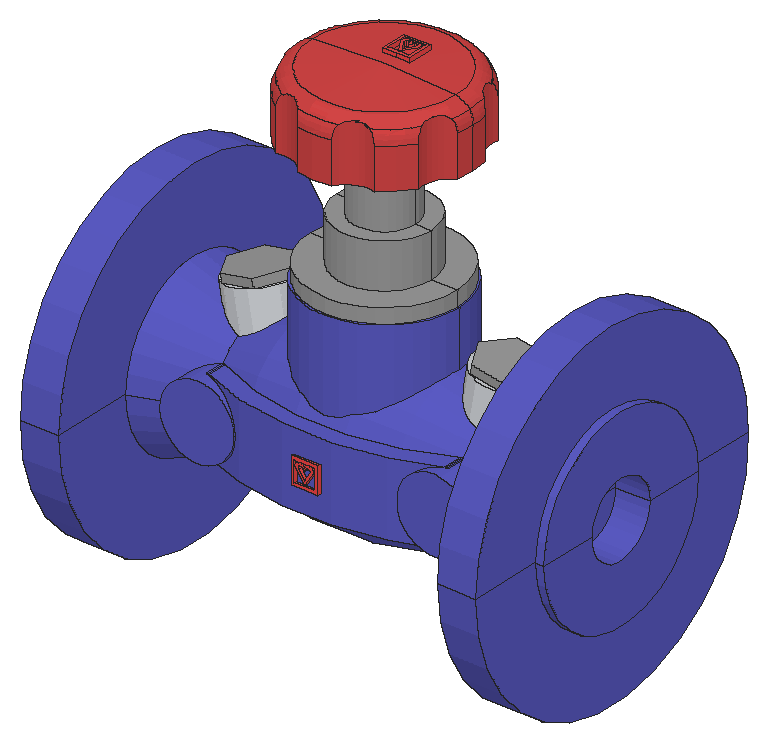
Revit family "Absperrventil 4218 AGF", category Rohrzubehör, Revit 2021
Family settings
  Bemaßung runder Anschluss = Durchmesser verwenden
  Teiletyp = Unterbricht
  Arbeitsebenenbasiert = Nein
  Immer vertikal = Ja
  Beim Laden mit Abzugskörper schneiden = Nein
  Gemeinsam genutzt = Nein
Parameters
  w = 10.00°  # constant formula
  Vorgabe-Ansicht = 0.00 mm
  PN = 16  # constant formula
  Max. Betriebstemperatur bis DN 32 = 130 °C  # constant formula
  Max. Betriebstemperatur ab DN 40 = 110 °C  # constant formula
  Max. Betriebsdruck = 1600000.0 Pa  # constant formula
  m2 [instance] = size_lookup("4218_AGF", "m2", 22.00 mm, Nennweite)  # 11.00 mm
  m1 [instance] = 27.59 mm  # constant formula
  d1 [instance] = size_lookup("4218_AGF", "d1", 25.00 mm, Nennweite)  # 25.00 mm
  Ventiloberteil = "Messing"  # constant formula
  Ventilgehäuse = "Grauguss GJL 250 nach EN 1561"  # constant formula
  URL = "www.herz-armaturen.at"
  Schrauben [instance] = if(Nennweite = 15.00 mm, "4x M12x50", if(Nennweite = 20.00 mm, "4x M12x55", if(Nennweite = 25.00 mm, "4x M12x55", if(Nennweite = 32.00 mm, "4x M16x60", if(Nennweite = 40.00 mm, "4x M16x60", if(Nennweite = 50.00 mm, "4x M16x60", if(Nennweite = 65.00 mm, "4x M16x60", if(Nennweite = 80.00 mm, "8x M16x65", if(Nennweite = 100.00 mm, "8x M16x65", if(Nennweite = 125.00 mm, "8x M16x70", if(Nennweite = 150.00 mm, "8x M20x70", if(Nennweite = 200.00 mm, "12x M20x75", if(Nennweite = 250.00 mm, "12x M24x85", if(Nennweite = 300.00 mm, "12x M24x85", if(Nennweite = 350.00 mm, "16x M24x90", "16x M27x100")))))))))))))))  # "4x M12x55"
  SCRNSEQ = "ARM;ARM_TYP=\"ABSV\";2"
  SCRNCODE = "05;11;2"  # constant formula
  R05 [instance] = size_lookup("4218_AGF", "R05", 45.00 mm, Nennweite)  # 45.00 mm
  R04 [instance] = size_lookup("4218_AGF", "R04", 25.50 mm, Nennweite)  # 25.50 mm
  R03 [instance] = size_lookup("4218_AGF", "R03", 30.00 mm, Nennweite)  # 30.00 mm
  R02 [instance] = size_lookup("4218_AGF", "R02", 21.15 mm, Nennweite)  # 21.15 mm
  R01 [instance] = size_lookup("4218_AGF", "R01", 29.50 mm, Nennweite)  # 29.50 mm
  O-Ringe = "EPDM"  # constant formula
  Nennweite [instance] = 25.00 mm
  Medium = "Heizwasserqualität entsprechend ÖNORM H 5195 bzw. VDI Richtlinie 2035. Ethylen und Propylenglykol\r\nkönnen in einem Verhältnis von 25-50 vol. [%] gemischt werden."
  Lk [instance] = size_lookup("4218_AGF", "Lk", 32.50 mm, Nennweite)  # 32.50 mm
  L05 [instance] = 34.16 mm  # constant formula
  L04 [instance] = size_lookup("4218_AGF", "L04", 40.00 mm, Nennweite)  # 40.00 mm
  L03 [instance] = size_lookup("4218_AGF", "L03", 42.00 mm, Nennweite)  # 42.00 mm
  L02 [instance] = size_lookup("4218_AGF", "L02", 3.00 mm, Nennweite)  # 3.00 mm
  L01 [instance] = size_lookup("4218_AGF", "L01", 13.00 mm, Nennweite)  # 13.00 mm
  L [instance] = size_lookup("4218_AGF", "L", 160.00 mm, Nennweite)  # 160.00 mm
  Hinweise zum Material = "Gemäß Art 33 der REACH-Verordnung (EG Nr. 1907/2006) sind wir verpflichtet, darauf hinzuweisen, dass der\r\nStoff Blei auf der SVHC-Liste geführt wird und dass alle aus Messing bestehenden Bauteile, die in unseren\r\nErzeugnissen verarbeitet sind, mehr als 0,1 % (w/w) Blei (CAS: 7439-92-1 / EINECS: 231-100-4) enthalten. Da Blei\r\nals Legierungsbestandteil fest gebunden ist, sind keine Expositionen zu erwarten und daher sind keine zusätzlichen\r\nAngaben zur sicheren Verwendung notwendig.\r\n\r\nGrundanstrich basierent auf Alkydharze (Kunstharzgrundierung) und enthält blei- und chromatfreie Rost- schutzpigmente. Deckbeschichtung mit Epoxidharz. Lösungsmittelgehalt ist geringer als in der VOCAnlagen-Verordnung 2002 zulässig.\r\nGlanzgrad: matt\r\nSchichtstärke trocken (TSD) : ~ 100 μm"
  Hersteller = "HERZ-Armaturen Ges.m.b.H"  # constant formula
  Dfl [instance] = size_lookup("4218_AGF", "Dfl", 57.50 mm, Nennweite)  # 57.50 mm
  DN80 [instance] = Nennweite = 80.00 mm  # no
  DN65-80 [instance] = or(Nennweite = 65.00 mm, Nennweite = 80.00 mm)  # no
  DN65 [instance] = Nennweite = 65.00 mm  # no
  DN50-80 [instance] = or(Nennweite = 50.00 mm, Nennweite = 65.00 mm, Nennweite = 80.00 mm)  # no
  DN50 [instance] = Nennweite = 50.00 mm  # no
  DN40 [instance] = Nennweite = 40.00 mm  # no
  DN32 [instance] = Nennweite = 32.00 mm  # no
  DN32-40 [instance] = or(Nennweite = 32.00 mm, Nennweite = 40.00 mm)  # no
  DN25-40 [instance] = or(Nennweite = 25.00 mm, Nennweite = 32.00 mm, Nennweite = 40.00 mm)  # yes
  DN25 [instance] = Nennweite = 25.00 mm  # yes
  D [instance] = size_lookup("4218_AGF", "D", 12.50 mm, Nennweite)  # 12.50 mm
  Bestellnummer [instance] = size_lookup("4218_AGF", "Artnr", 0, Nennweite)  # 1421853
  B [instance] = size_lookup("4218_AGF", "B", 58.00 mm, Nennweite)  # 58.00 mm
  Anwendungsgebiet = "Zum Absperren von Verteilleitungen in Heiz- oder Kühlanlagen, Strängen, Wärmetauschern, Heiz- und\r\nKühlregistern."
Reference planes
  plane 1 "Mitte (Vorne/hinten)": y = 0
  plane 2: z = 0
  plane 3 "Mitte (Links/rechts)": x = 0
Forms (mm)
  Revolve 1, solid, material "Herz-Marineblau", detail levels fine
    sketch origin (1065, 0, 0) x (1, 0, 0) y (0, 1, 0)
      loop
        line (-1142, 57.5) -> (-1142, 32.5) -> (-1145, 32.5) -> (-1145, 12.5) -> (-1135, 12.5) -> (-1135, 0) -> (-997, 0) -> (-997, 12.5) -> (-985, 12.5) -> (-985, 32.5) -> (-988, 32.5) -> (-988, 57.5) -> (-1001, 57.5) -> (-1001, 29.5) -> (-1024.25, 21.15)
        arc (-1024.25, 21.15) -> (-1065, 30) -> (-1105.75, 21.15) r 98.242
        line (-1105.75, 21.15) -> (-1129, 29.5) -> (-1129, 57.5) -> (-1142, 57.5)
      axis (-985, 0) -> (-1145, 0)
    angle from 0 to 360
  Extrusion 2, solid, material "Herz-Marineblau", visible <- "DN25", detail levels fine
    sketch origin (0, 0, 0) x (1, 0, 0) y (0, 1, 0)
      loop
        arc (-40.75, -24.228) -> (0.085, -32.958) -> (40.917, -24.217) r 99.801
        line (40.917, -24.217) -> (40.917, 24.217)
        arc (40.917, 24.217) -> (0.085, 32.958) -> (-40.75, 24.228) r 99.801
        line (-40.75, 24.228) -> (-40.75, -24.228)
    from -12.5 to 12.5
  Extrusion 3, solid, material "Herz-Marineblau"
    sketch origin (0, 0, 0) x (1, 0, 0) y (0, 0, 1)
      loop
        circle (-40, 0) r 12.5
      loop
        circle (40, 0) r 12.5
    from -29 to 29
  Revolve 4, solid, visible <- "DN25"
    sketch origin (0, 0, 0) x (1, 0, 0) y (0, 0, 1)
      loop
        line (-42.018, 32) -> (-37.406, 5.845) -> (-26.573, 7.755) -> (-31.185, 33.91) -> (-42.018, 32)
      axis (-42.018, 32) -> (-37.406, 5.845)
    angle from 0 to 360
  Revolve 5, solid, visible <- "DN25"
    sketch origin (0, 0, 0) x (-1, 0, 0) y (0, 0, 1)
      loop
        line (-42.018, 32) -> (-37.406, 5.845) -> (-26.573, 7.755) -> (-31.185, 33.91) -> (-42.018, 32)
      axis (-42.018, 32) -> (-37.406, 5.845)
    angle from 0 to 360
  Revolve 6, solid, visible <- "DN32"
    sketch origin (-6, 0, 0) x (1, 0, 0) y (0, 0, 1)
      loop
        line (-42.018, 32) -> (-37.406, 5.845) -> (-26.573, 7.755) -> (-31.185, 33.91) -> (-42.018, 32)
      axis (-42.018, 32) -> (-37.406, 5.845)
    angle from 0 to 360
  Revolve 7, solid, visible <- "DN32"
    sketch origin (6, 0, 0) x (-1, 0, 0) y (0, 0, 1)
      loop
        line (-42.018, 32) -> (-37.406, 5.845) -> (-26.573, 7.755) -> (-31.185, 33.91) -> (-42.018, 32)
      axis (-42.018, 32) -> (-37.406, 5.845)
    angle from 0 to 360
  Revolve 8, solid, visible <- "DN40"
    sketch origin (-10, 0, 6) x (1, 0, 0) y (0, 0, 1)
      loop
        line (-42.018, 32) -> (-37.406, 5.845) -> (-26.573, 7.755) -> (-31.185, 33.91) -> (-42.018, 32)
      axis (-42.018, 32) -> (-37.406, 5.845)
    angle from 0 to 360
  Revolve 9, solid, visible <- "DN40"
    sketch origin (10, 0, 6) x (-1, 0, 0) y (0, 0, 1)
      loop
        line (-42.018, 32) -> (-37.406, 5.845) -> (-26.573, 7.755) -> (-31.185, 33.91) -> (-42.018, 32)
      axis (-42.018, 32) -> (-37.406, 5.845)
    angle from 0 to 360
  Revolve 10, solid, visible <- "DN50"
    sketch origin (-23, 0, 16) x (1, 0, 0) y (0, 0, 1)
      loop
        line (-42.018, 32) -> (-37.406, 5.845) -> (-26.573, 7.755) -> (-31.185, 33.91) -> (-42.018, 32)
      axis (-42.018, 32) -> (-37.406, 5.845)
    angle from 0 to 360
  Revolve 11, solid, visible <- "DN50"
    sketch origin (23, 0, 16) x (-1, 0, 0) y (0, 0, 1)
      loop
        line (-42.018, 32) -> (-37.406, 5.845) -> (-26.573, 7.755) -> (-31.185, 33.91) -> (-42.018, 32)
      axis (-42.018, 32) -> (-37.406, 5.845)
    angle from 0 to 360
  Revolve 12, solid, visible <- "DN65"
    sketch origin (-35, 0, 28) x (1, 0, 0) y (0, 0, 1)
      loop
        line (-42.018, 32) -> (-34.219, -12.231) -> (-18.954, -9.539) -> (-26.753, 34.692) -> (-42.018, 32)
      axis (-42.018, 32) -> (-34.219, -12.231)
    angle from 0 to 360
  Revolve 13, solid, visible <- "DN65"
    sketch origin (35, 0, 28) x (-1, 0, 0) y (0, 0, 1)
      loop
        line (-42.018, 32) -> (-34.219, -12.231) -> (-18.954, -9.539) -> (-26.753, 34.692) -> (-42.018, 32)
      axis (-42.018, 32) -> (-34.219, -12.231)
    angle from 0 to 360
  Revolve 14, solid, visible <- "DN80"
    sketch origin (-43, 0, 33) x (1, 0, 0) y (0, 0, 1)
      loop
        line (-42.018, 32) -> (-34.219, -12.231) -> (-18.954, -9.539) -> (-26.753, 34.692) -> (-42.018, 32)
      axis (-42.018, 32) -> (-34.219, -12.231)
    angle from 0 to 360
  Revolve 15, solid, visible <- "DN80"
    sketch origin (43, 0, 33) x (-1, 0, 0) y (0, 0, 1)
      loop
        line (-42.018, 32) -> (-34.219, -12.231) -> (-18.954, -9.539) -> (-26.753, 34.692) -> (-42.018, 32)
      axis (-42.018, 32) -> (-34.219, -12.231)
    angle from 0 to 360
  Revolve 16, solid, material "Herz-Marineblau"
    sketch origin (0, 0, 0) x (1, 0, 0) y (0, 0, 1)
      loop
        line (-0.018, 0) -> (25.5, 0) -> (25.5, 45) -> (-0.018, 45) -> (-0.018, 0)
      axis (-0.018, 45) -> (-0.018, 0)
    angle from 0 to 360
  Extrusion 17, solid, material "Herz-Marineblau", visible <- "DN32", detail levels fine
    sketch origin (0, 5, 0) x (1, 0, 0) y (0, 1, 0)
      loop
        arc (-50, -30.504) -> (0, -44.033) -> (50, -30.504) r 99.158
        line (50, -30.504) -> (50, 20.504)
        arc (50, 20.504) -> (0, 34.033) -> (-50, 20.504) r 99.158
        line (-50, 20.504) -> (-50, -30.504)
    from -12.5 to 12.5
  Extrusion 18, solid, material "Herz-Marineblau", visible <- "DN40", detail levels fine
    sketch origin (0, 7.139, 0) x (1, 0, 0) y (0, 1, 0)
      loop
        arc (-58.75, -37.243) -> (-0.086, -48.157) -> (58.607, -37.396) r 164.275
        line (58.607, -37.396) -> (58.607, 23.118)
        arc (58.607, 23.118) -> (-0.086, 33.878) -> (-58.75, 22.964) r 164.275
        line (-58.75, 22.964) -> (-58.75, -37.243)
    from -12.5 to 12.5
  Extrusion 19, solid, material "Herz-Marineblau", visible <- "DN50", detail levels fine
    sketch origin (0, 12.139, 0) x (1, 0, 0) y (0, 1, 0)
      loop
        arc (-70, -51.365) -> (-0.006, -58.136) -> (70, -51.487) r 368.507
        line (70, -51.487) -> (70, 27.208)
        arc (70, 27.208) -> (-0.006, 33.857) -> (-70, 27.086) r 368.507
        line (-70, 27.086) -> (-70, -51.365)
    from -12.5 to 12.5
  Extrusion 20, solid, material "Herz-Marineblau", visible <- "DN65", detail levels fine
    sketch origin (0, 17.139, 0) x (1, 0, 0) y (0, 1, 0)
      loop
        line (-89.879, 31.045) -> (-89.879, -65.324)
        arc (-89.879, -65.324) -> (0.112, -71.41) -> (90.111, -65.45) r 675.309
        line (90.111, -65.45) -> (90.111, 31.171)
        arc (90.111, 31.171) -> (0.112, 37.132) -> (-89.879, 31.045) r 675.309
    from -12.5 to 12.5
  Extrusion 21, solid, material "Herz-Marineblau", visible <- "DN80", detail levels fine
    sketch origin (0, 23.908, 0) x (1, 0, 0) y (0, 1, 0)
      loop
        line (-95.924, 29.668) -> (-95.924, -77.484)
        arc (-95.924, -77.484) -> (1.171, -81.507) -> (98.253, -77.179) r 1130.914
        line (98.253, -77.179) -> (98.253, 29.363)
        arc (98.253, 29.363) -> (1.171, 33.69) -> (-95.924, 29.668) r 1130.914
    from -12.5 to 12.5
  Revolve 22, solid, material "Messing, weicher Gelbton, geschweißt", visible <- "DN25"
    sketch origin (0, 0, 0) x (1, 0, 0) y (0, 0, 1)
      loop
        line (-15.927, 65) -> (-15.927, 50) -> (-24.821, 50) -> (-24.821, 45) -> (-0.018, 45) -> (-0.018, 87.982) -> (-7.018, 87.982) -> (-10.561, 84.439) -> (-10.561, 65) -> (-15.927, 65)
      axis (-0.018, 87.982) -> (-0.018, 45)
    angle from 0 to 360
  Revolve 23, solid, material "Messing, weicher Gelbton, geschweißt", visible <- "DN32-40"
    sketch origin (0, 0, 5) x (1, 0, 0) y (0, 0, 1)
      loop
        line (-15.927, 65) -> (-15.927, 50) -> (-24.821, 50) -> (-24.821, 45) -> (-0.018, 45) -> (-0.018, 82.982) -> (-7.018, 82.982) -> (-10.561, 79.439) -> (-10.561, 65) -> (-15.927, 65)
      axis (-0.018, 82.982) -> (-0.018, 45)
    angle from 0 to 360
  Revolve 24, solid, material "Messing, weicher Gelbton, geschweißt", visible <- "DN50"
    sketch origin (0, 0, 0) x (1, 0, 0) y (0, 0, 1)
      loop
        line (-30.605, 80.5) -> (-30.605, 65.5) -> (-39.5, 65.5) -> (-39.5, 60.5) -> (0, 60.5) -> (0, 103) -> (-17.179, 103) -> (-25.239, 94.939) -> (-25.239, 80.5) -> (-30.605, 80.5)
      axis (0, 103) -> (0, 60.5)
    angle from 0 to 360
  Revolve 25, solid, material "Messing, weicher Gelbton, geschweißt", visible <- "DN65-80"
    sketch origin (0, 0, 7.5) x (1, 0, 0) y (0, 0, 1)
      loop
        line (-30.605, 80.5) -> (-30.605, 65.5) -> (-39.5, 65.5) -> (-39.5, 60.5) -> (0, 60.5) -> (0, 95.5) -> (-17.179, 95.5) -> (-25.239, 87.439) -> (-25.239, 80.5) -> (-30.605, 80.5)
      axis (0, 95.5) -> (0, 60.5)
    angle from 0 to 360
  Extrusion 26, solid, material "Messing, weicher Gelbton, geschweißt", visible <- "DN25"
    sketch origin (0.537, 0, 6.073) x (0.984808, 0, 0.173648) y (0, 1, 0)
      loop
        line (-26.573, 0) -> (-31.989, 9.382) -> (-42.822, 9.382) -> (-48.239, 0) -> (-42.822, -9.382) -> (-31.989, -9.382) -> (-26.573, 0)
    from 32.922 to 35.92
  Extrusion 27, solid, material "Messing, weicher Gelbton, geschweißt", visible <- "DN40"
    sketch origin (-9.463, 0, 12.073) x (0.984808, 0, 0.173648) y (0, 1, 0)
      loop
        line (-26.573, 0) -> (-31.989, 9.382) -> (-42.822, 9.382) -> (-48.239, 0) -> (-42.822, -9.382) -> (-31.989, -9.382) -> (-26.573, 0)
    from 32.922 to 35.92
  Extrusion 28, solid, material "Messing, weicher Gelbton, geschweißt", visible <- "DN50"
    sketch origin (-22.463, 0, 22.073) x (0.984808, 0, 0.173648) y (0, 1, 0)
      loop
        line (-26.573, 0) -> (-31.989, 9.382) -> (-42.822, 9.382) -> (-48.239, 0) -> (-42.822, -9.382) -> (-31.989, -9.382) -> (-26.573, 0)
    from 32.922 to 35.92
  Extrusion 29, solid, material "Messing, weicher Gelbton, geschweißt", visible <- "DN80"
    sketch origin (-40.926, 0, 36.434) x (0.984808, 0, 0.173648) y (0, 1, 0)
      loop
        line (-24.656, 0) -> (-31.558, 11.956) -> (-45.364, 11.956) -> (-52.266, 0) -> (-45.364, -11.956) -> (-31.558, -11.956) -> (-24.656, 0)
    from 35.788 to 38.79
  Extrusion 30, solid, material "Messing, weicher Gelbton, geschweißt", visible <- "DN32"
    sketch origin (-5.463, 0, 6.073) x (0.984808, 0, 0.173648) y (0, 1, 0)
      loop
        line (-26.573, 0) -> (-31.989, 9.382) -> (-42.822, 9.382) -> (-48.239, 0) -> (-42.822, -9.382) -> (-31.989, -9.382) -> (-26.573, 0)
    from 32.922 to 35.92
  Extrusion 31, solid, material "Messing, weicher Gelbton, geschweißt", visible <- "DN25"
    sketch origin (-0.537, 0, 6.073) x (-0.984808, 0, 0.173648) y (0, -1, 0)
      loop
        line (-26.573, 0) -> (-31.989, 9.382) -> (-42.822, 9.382) -> (-48.239, 0) -> (-42.822, -9.382) -> (-31.989, -9.382) -> (-26.573, 0)
    from 32.922 to 35.92
  Extrusion 32, solid, material "Messing, weicher Gelbton, geschweißt", visible <- "DN40"
    sketch origin (9.463, 0, 12.073) x (-0.984808, 0, 0.173648) y (0, -1, 0)
      loop
        line (-26.573, 0) -> (-31.989, 9.382) -> (-42.822, 9.382) -> (-48.239, 0) -> (-42.822, -9.382) -> (-31.989, -9.382) -> (-26.573, 0)
    from 32.922 to 35.92
  Extrusion 33, solid, material "Messing, weicher Gelbton, geschweißt", visible <- "DN50"
    sketch origin (22.463, 0, 22.073) x (-0.984808, 0, 0.173648) y (0, -1, 0)
      loop
        line (-26.573, 0) -> (-31.989, 9.382) -> (-42.822, 9.382) -> (-48.239, 0) -> (-42.822, -9.382) -> (-31.989, -9.382) -> (-26.573, 0)
    from 32.922 to 35.92
  Extrusion 34, solid, material "Messing, weicher Gelbton, geschweißt", visible <- "DN32"
    sketch origin (5.463, 0, 6.073) x (-0.984808, 0, 0.173648) y (0, -1, 0)
      loop
        line (-26.573, 0) -> (-31.989, 9.382) -> (-42.822, 9.382) -> (-48.239, 0) -> (-42.822, -9.382) -> (-31.989, -9.382) -> (-26.573, 0)
    from 32.922 to 35.92
  Extrusion 35, solid, material "Messing, weicher Gelbton, geschweißt", visible <- "DN65"
    sketch origin (-32.926, 0, 31.434) x (0.984808, 0, 0.173648) y (0, 1, 0)
      loop
        line (-24.656, 0) -> (-31.558, 11.956) -> (-45.364, 11.956) -> (-52.266, 0) -> (-45.364, -11.956) -> (-31.558, -11.956) -> (-24.656, 0)
    from 35.788 to 38.79
  Extrusion 36, solid, material "Messing, weicher Gelbton, geschweißt", visible <- "DN80"
    sketch origin (40.926, 0, 36.434) x (-0.984808, 0, 0.173648) y (0, -1, 0)
      loop
        line (-24.656, 0) -> (-31.558, 11.956) -> (-45.364, 11.956) -> (-52.266, 0) -> (-45.364, -11.956) -> (-31.558, -11.956) -> (-24.656, 0)
    from 35.788 to 38.79
  Extrusion 37, solid, material "Messing, weicher Gelbton, geschweißt", visible <- "DN65"
    sketch origin (32.926, 0, 31.434) x (-0.984808, 0, 0.173648) y (0, -1, 0)
      loop
        line (-24.656, 0) -> (-31.558, 11.956) -> (-45.364, 11.956) -> (-52.266, 0) -> (-45.364, -11.956) -> (-31.558, -11.956) -> (-24.656, 0)
    from 35.788 to 38.79
Lines and regions (mm)
  model lines
    curve 1: line (-42.018, 0, 0) -> (-42.018, 0, 32)
    curve 2: line (-0.018, 0, 0) -> (-48.018, 0, 0)
    curve 3: line (-48.018, 0, 0) -> (-48.018, 0, 32)
    curve 4: line (-0.018, 0, 0) -> (-52.018, 0, 0)
    curve 5: line (-52.018, 0, 0) -> (-52.018, 0, 38)
    curve 6: line (-0.018, 0, 0) -> (-65.018, 0, 0)
    curve 7: line (-65.018, 0, 0) -> (-65.018, 0, 48)
    curve 8: line (-0.018, 0, 0) -> (-77.018, 0, 0)
    curve 9: line (-77.018, 0, 0) -> (-77.018, 0, 60)
    curve 10: line (-0.018, 0, 0) -> (-85.018, 0, 0)
    curve 11: line (-100.282, 0, 0) -> (-69.753, 0, 0)
    curve 12: line (-92.474, 0, 0) -> (-61.753, 0, 0)
Dimensions and locks
  "Dfl": plane 1 "Mitte (Vorne/hinten)" to Revolve 1 sketch curve
  "Lk": plane 1 "Mitte (Vorne/hinten)" to Revolve 1 sketch curve
  "D": plane 1 "Mitte (Vorne/hinten)" to Revolve 1 sketch curve
  "L": Revolve 1 sketch curve to Revolve 1 sketch curve
  "L01": Revolve 1 sketch curve to Revolve 1 sketch curve  (x2)
  "L02": Revolve 1 sketch curve to Revolve 1 sketch curve  (x2)
  equal spacing: Revolve 1 sketch curve, plane 3 "Mitte (Links/rechts)", Revolve 1 sketch curve  (x2)
  "L04": plane 3 "Mitte (Links/rechts)" to Extrusion 3 sketch curve
  "L04": Extrusion 3 sketch curve to plane 3 "Mitte (Links/rechts)"
  "B": Extrusion 3 to Extrusion 3
  equal spacing: Extrusion 3, plane 1 "Mitte (Vorne/hinten)", Extrusion 3
  "D": Revolve 1 sketch curve to plane 1 "Mitte (Vorne/hinten)"
  "Lk": Revolve 1 sketch curve to plane 1 "Mitte (Vorne/hinten)"
  "Dfl": Revolve 1 sketch curve to plane 1 "Mitte (Vorne/hinten)"
  "R02": plane 1 "Mitte (Vorne/hinten)" to Revolve 1 sketch curve  (x2)
  "R01": plane 1 "Mitte (Vorne/hinten)" to Revolve 1 sketch curve  (x2)
  "R03": plane 1 "Mitte (Vorne/hinten)" to Revolve 1 sketch curve
  Revolve 4 sketch curve to Revolve 4 sketch curve = 11.00 mm
  Revolve 4 sketch curve to Revolve 4 sketch curve = 26.559 mm
  Revolve 5 sketch curve to Revolve 5 sketch curve = 11.00 mm
  Revolve 5 sketch curve to Revolve 5 sketch curve = 26.559 mm
  Revolve 6 sketch curve to Revolve 6 sketch curve = 11.00 mm
  Revolve 6 sketch curve to Revolve 6 sketch curve = 26.559 mm
  Revolve 7 sketch curve to Revolve 7 sketch curve = 11.00 mm
  Revolve 7 sketch curve to Revolve 7 sketch curve = 26.559 mm
  Revolve 8 sketch curve to Revolve 8 sketch curve = 11.00 mm
  Revolve 8 sketch curve to Revolve 8 sketch curve = 26.559 mm
  Revolve 9 sketch curve to Revolve 9 sketch curve = 11.00 mm
  Revolve 9 sketch curve to Revolve 9 sketch curve = 26.559 mm
  Revolve 10 sketch curve to Revolve 10 sketch curve = 11.00 mm
  Revolve 10 sketch curve to Revolve 10 sketch curve = 26.559 mm
  Revolve 11 sketch curve to Revolve 11 sketch curve = 11.00 mm
  Revolve 11 sketch curve to Revolve 11 sketch curve = 26.559 mm
  Revolve 12 sketch curve to Revolve 12 sketch curve = 15.50 mm
  Revolve 12 sketch curve to Revolve 12 sketch curve = 44.913 mm
  Revolve 13 sketch curve to Revolve 13 sketch curve = 15.50 mm
  Revolve 13 sketch curve to Revolve 13 sketch curve = 44.913 mm
  Revolve 14 sketch curve to Revolve 14 sketch curve = 15.50 mm
  Revolve 14 sketch curve to Revolve 14 sketch curve = 44.913 mm
  Revolve 15 sketch curve to Revolve 15 sketch curve = 15.50 mm
  Revolve 15 sketch curve to Revolve 15 sketch curve = 44.913 mm
  "R05": Revolve 16 sketch curve to plane 2
  "R04": plane 3 "Mitte (Links/rechts)" to Revolve 16 sketch curve
  nested 5 to plane 2 = 88.00 mm
  nested 7 to plane 2 = 103.00 mm
  "d1": diameter of Extrusion 3 sketch curve  (x2)
  aligned and locked: level to plane 2
Automatic sketch dimensions
  curve 10 to level = 0.00 mm
  curve 8 to level = 0.00 mm
  curve 5 to level = 0.00 mm
  curve 10 to plane 3 "Mitte (Links/rechts)" = 85.018 mm
  curve 10 to curve 8 = 8.00 mm
  curve 8 to curve 7 = 12.00 mm
  curve 6 to curve 5 = 13.00 mm
  curve 4 to curve 2 = 4.00 mm
  curve 4 to plane 3 "Mitte (Links/rechts)" = 0.018 mm
  curve 6 to curve 2 = 0.00 mm
  curve 3 to curve 1 = 6.00 mm
  curve 10 to curve 2 = 0.00 mm
  level to curve 3 = 32.00 mm
  curve 1 to curve 3 = 0.00 mm
  curve 3 to curve 5 = 6.00 mm
  curve 5 to curve 7 = 10.00 mm
  curve 7 to curve 9 = 12.00 mm
  plane 1 "Mitte (Vorne/hinten)" to curve 11 = 0.00 mm
  plane 1 "Mitte (Vorne/hinten)" to curve 12 = 0.00 mm
  curve 11 to plane 3 "Mitte (Links/rechts)" = 100.282 mm
  curve 11 to curve 12 = 7.808 mm
  curve 12 to curve 11 = 22.721 mm
  curve 11 to curve 12 = 8.00 mm
  Extrusion 2 sketch curve to plane 3 "Mitte (Links/rechts)" = 40.75 mm
  plane 3 "Mitte (Links/rechts)" to Extrusion 2 sketch curve = 0.071 mm  (x2)
  plane 1 "Mitte (Vorne/hinten)" to Extrusion 2 sketch curve = 24.217 mm
  plane 3 "Mitte (Links/rechts)" to Extrusion 2 sketch curve = 40.917 mm
  plane 1 "Mitte (Vorne/hinten)" to Extrusion 2 sketch curve = 24.228 mm
  Extrusion 2 sketch curve to Extrusion 2 sketch curve = 42.614 mm
  Extrusion 2 sketch curve to plane 1 "Mitte (Vorne/hinten)" = 24.217 mm
  Revolve 4 sketch curve to plane 3 "Mitte (Links/rechts)" = 42.018 mm
  level to Revolve 4 sketch curve = 5.845 mm  (x2)
  Revolve 4 sketch curve to Revolve 4 sketch curve = 4.612 mm
  Revolve 4 sketch curve to Revolve 4 sketch curve = 10.833 mm
  level to Revolve 4 sketch curve = 32.00 mm
  Revolve 5 sketch curve to plane 3 "Mitte (Links/rechts)" = 42.018 mm
  Revolve 5 sketch curve to level = 5.845 mm  (x2)
  Revolve 5 sketch curve to Revolve 5 sketch curve = 4.612 mm
  Revolve 5 sketch curve to Revolve 5 sketch curve = 10.833 mm
  Revolve 5 sketch curve to level = 32.00 mm
  Revolve 6 sketch curve to plane 3 "Mitte (Links/rechts)" = 48.018 mm
  level to Revolve 6 sketch curve = 5.845 mm  (x2)
  Revolve 6 sketch curve to Revolve 6 sketch curve = 4.612 mm
  level to Revolve 6 sketch curve = 33.91 mm
  level to Revolve 6 sketch curve = 32.00 mm
  Revolve 7 sketch curve to plane 3 "Mitte (Links/rechts)" = 48.018 mm
  Revolve 7 sketch curve to level = 5.845 mm  (x2)
  Revolve 7 sketch curve to Revolve 7 sketch curve = 4.612 mm
  Revolve 7 sketch curve to level = 33.91 mm
  Revolve 7 sketch curve to level = 32.00 mm
  Revolve 8 sketch curve to plane 3 "Mitte (Links/rechts)" = 52.018 mm
  level to Revolve 8 sketch curve = 11.845 mm  (x2)
  Revolve 8 sketch curve to Revolve 8 sketch curve = 4.612 mm
  level to Revolve 8 sketch curve = 39.91 mm
  level to Revolve 8 sketch curve = 38.00 mm
  Revolve 9 sketch curve to plane 3 "Mitte (Links/rechts)" = 52.018 mm
  Revolve 9 sketch curve to level = 11.845 mm  (x2)
  Revolve 9 sketch curve to Revolve 9 sketch curve = 4.612 mm
  Revolve 9 sketch curve to level = 39.91 mm
  Revolve 9 sketch curve to level = 38.00 mm
  Revolve 10 sketch curve to plane 3 "Mitte (Links/rechts)" = 65.018 mm
  level to Revolve 10 sketch curve = 21.845 mm  (x2)
  Revolve 10 sketch curve to Revolve 10 sketch curve = 4.612 mm
  level to Revolve 10 sketch curve = 49.91 mm
  level to Revolve 10 sketch curve = 48.00 mm
  Revolve 11 sketch curve to plane 3 "Mitte (Links/rechts)" = 65.018 mm
  Revolve 11 sketch curve to level = 21.845 mm  (x2)
  Revolve 11 sketch curve to Revolve 11 sketch curve = 4.612 mm
  Revolve 11 sketch curve to level = 49.91 mm
  Revolve 11 sketch curve to level = 48.00 mm
  Revolve 12 sketch curve to plane 3 "Mitte (Links/rechts)" = 77.018 mm
  level to Revolve 12 sketch curve = 15.769 mm
  Revolve 12 sketch curve to Revolve 12 sketch curve = 7.799 mm
  Revolve 12 sketch curve to Revolve 12 sketch curve = 15.265 mm
  level to Revolve 12 sketch curve = 60.00 mm
  level to Revolve 12 sketch curve = 33.845 mm
  Revolve 13 sketch curve to plane 3 "Mitte (Links/rechts)" = 77.018 mm
  Revolve 13 sketch curve to level = 15.769 mm
  Revolve 13 sketch curve to Revolve 13 sketch curve = 7.799 mm
  Revolve 13 sketch curve to Revolve 13 sketch curve = 15.265 mm
  Revolve 13 sketch curve to level = 60.00 mm
  Revolve 13 sketch curve to level = 33.845 mm
  Revolve 14 sketch curve to plane 3 "Mitte (Links/rechts)" = 85.018 mm
  level to Revolve 14 sketch curve = 20.769 mm
  Revolve 14 sketch curve to Revolve 14 sketch curve = 7.799 mm
  level to Revolve 14 sketch curve = 67.692 mm
  level to Revolve 14 sketch curve = 65.00 mm
  level to Revolve 14 sketch curve = 38.845 mm
  Revolve 15 sketch curve to plane 3 "Mitte (Links/rechts)" = 85.018 mm
  Revolve 15 sketch curve to level = 20.769 mm
  Revolve 15 sketch curve to Revolve 15 sketch curve = 7.799 mm
  Revolve 15 sketch curve to level = 67.692 mm
  Revolve 15 sketch curve to level = 65.00 mm
  Revolve 15 sketch curve to level = 38.845 mm
  Extrusion 17 sketch curve to plane 3 "Mitte (Links/rechts)" = 0.00 mm  (x2)
  Extrusion 17 sketch curve to plane 1 "Mitte (Vorne/hinten)" = 25.504 mm
  Extrusion 17 sketch curve to plane 3 "Mitte (Links/rechts)" = 50.00 mm
  plane 1 "Mitte (Vorne/hinten)" to Extrusion 17 sketch curve = 25.504 mm
  plane 3 "Mitte (Links/rechts)" to Extrusion 17 sketch curve = 50.00 mm
  plane 1 "Mitte (Vorne/hinten)" to Extrusion 17 sketch curve = 60.125 mm
  Extrusion 17 sketch curve to plane 1 "Mitte (Vorne/hinten)" = 60.125 mm
  Extrusion 18 sketch curve to plane 3 "Mitte (Links/rechts)" = 58.75 mm
  plane 3 "Mitte (Links/rechts)" to Extrusion 18 sketch curve = 0.129 mm  (x2)
  plane 1 "Mitte (Vorne/hinten)" to Extrusion 18 sketch curve = 30.257 mm
  plane 3 "Mitte (Links/rechts)" to Extrusion 18 sketch curve = 58.607 mm
  Extrusion 18 sketch curve to Extrusion 18 sketch curve = 93.00 mm
  plane 1 "Mitte (Vorne/hinten)" to Extrusion 18 sketch curve = 30.103 mm
  Extrusion 18 sketch curve to plane 1 "Mitte (Vorne/hinten)" = 30.103 mm
  Extrusion 19 sketch curve to plane 3 "Mitte (Links/rechts)" = 70.00 mm
  plane 3 "Mitte (Links/rechts)" to Extrusion 19 sketch curve = 0.315 mm  (x2)
  plane 1 "Mitte (Vorne/hinten)" to Extrusion 19 sketch curve = 39.348 mm
  plane 3 "Mitte (Links/rechts)" to Extrusion 19 sketch curve = 70.00 mm
  Extrusion 19 sketch curve to Extrusion 19 sketch curve = 283.163 mm
  plane 1 "Mitte (Vorne/hinten)" to Extrusion 19 sketch curve = 39.226 mm
  Extrusion 19 sketch curve to plane 1 "Mitte (Vorne/hinten)" = 39.226 mm
  Extrusion 20 sketch curve to plane 3 "Mitte (Links/rechts)" = 89.879 mm
  plane 3 "Mitte (Links/rechts)" to Extrusion 20 sketch curve = 0.585 mm  (x2)
  plane 3 "Mitte (Links/rechts)" to Extrusion 20 sketch curve = 90.111 mm
  plane 1 "Mitte (Vorne/hinten)" to Extrusion 20 sketch curve = 621.038 mm
  plane 1 "Mitte (Vorne/hinten)" to Extrusion 20 sketch curve = 48.311 mm
  plane 1 "Mitte (Vorne/hinten)" to Extrusion 20 sketch curve = 48.185 mm
  Extrusion 20 sketch curve to plane 1 "Mitte (Vorne/hinten)" = 48.185 mm
  Extrusion 21 sketch curve to plane 3 "Mitte (Links/rechts)" = 95.924 mm
  Extrusion 21 sketch curve to plane 3 "Mitte (Links/rechts)" = 0.606 mm  (x2)
  plane 1 "Mitte (Vorne/hinten)" to Extrusion 21 sketch curve = 53.271 mm
  plane 3 "Mitte (Links/rechts)" to Extrusion 21 sketch curve = 98.253 mm
  plane 1 "Mitte (Vorne/hinten)" to Extrusion 21 sketch curve = 53.576 mm
  Extrusion 21 sketch curve to Extrusion 21 sketch curve = 1019.737 mm
  Extrusion 21 sketch curve to plane 1 "Mitte (Vorne/hinten)" = 53.271 mm
  Revolve 22 sketch curve to plane 3 "Mitte (Links/rechts)" = 24.821 mm
  Revolve 22 sketch curve to Revolve 22 sketch curve = 8.895 mm
  Revolve 22 sketch curve to Revolve 22 sketch curve = 5.366 mm
  Revolve 22 sketch curve to Revolve 22 sketch curve = 3.543 mm  (x2)
  Revolve 22 sketch curve to plane 3 "Mitte (Links/rechts)" = 0.018 mm
  level to Revolve 22 sketch curve = 45.00 mm
  Revolve 22 sketch curve to Revolve 22 sketch curve = 5.00 mm
  Revolve 22 sketch curve to Revolve 22 sketch curve = 15.00 mm
  Revolve 22 sketch curve to Revolve 22 sketch curve = 19.439 mm
  Revolve 22 sketch curve to Revolve 22 sketch curve = 0.00 mm  (x3)
  Revolve 23 sketch curve to plane 3 "Mitte (Links/rechts)" = 24.821 mm
  Revolve 23 sketch curve to Revolve 23 sketch curve = 8.895 mm
  Revolve 23 sketch curve to Revolve 23 sketch curve = 5.366 mm
  Revolve 23 sketch curve to Revolve 23 sketch curve = 3.543 mm  (x2)
  Revolve 23 sketch curve to plane 3 "Mitte (Links/rechts)" = 0.018 mm
  level to Revolve 23 sketch curve = 50.00 mm
  Revolve 23 sketch curve to Revolve 23 sketch curve = 5.00 mm  (x2)
  Revolve 23 sketch curve to Revolve 23 sketch curve = 15.00 mm
  Revolve 23 sketch curve to Revolve 23 sketch curve = 14.439 mm
  Revolve 23 sketch curve to Revolve 23 sketch curve = 0.00 mm  (x2)
  Revolve 24 sketch curve to plane 3 "Mitte (Links/rechts)" = 0.00 mm  (x2)
  Revolve 24 sketch curve to plane 3 "Mitte (Links/rechts)" = 17.179 mm
  Revolve 24 sketch curve to Revolve 24 sketch curve = 8.061 mm  (x2)
  Revolve 24 sketch curve to Revolve 24 sketch curve = 5.366 mm
  Revolve 24 sketch curve to Revolve 24 sketch curve = 8.895 mm
  level to Revolve 24 sketch curve = 60.50 mm
  Revolve 24 sketch curve to Revolve 24 sketch curve = 5.00 mm
  Revolve 24 sketch curve to Revolve 24 sketch curve = 15.00 mm
  Revolve 24 sketch curve to Revolve 24 sketch curve = 14.439 mm
  Revolve 24 sketch curve to Revolve 24 sketch curve = 0.00 mm  (x2)
  Revolve 25 sketch curve to plane 3 "Mitte (Links/rechts)" = 0.00 mm  (x2)
  Revolve 25 sketch curve to plane 3 "Mitte (Links/rechts)" = 17.179 mm
  Revolve 25 sketch curve to Revolve 25 sketch curve = 8.061 mm  (x2)
  Revolve 25 sketch curve to Revolve 25 sketch curve = 5.366 mm
  Revolve 25 sketch curve to Revolve 25 sketch curve = 8.895 mm
  level to Revolve 25 sketch curve = 68.00 mm
  Revolve 25 sketch curve to Revolve 25 sketch curve = 5.00 mm
  Revolve 25 sketch curve to Revolve 25 sketch curve = 15.00 mm
  Revolve 25 sketch curve to Revolve 25 sketch curve = 6.939 mm
  Revolve 25 sketch curve to Revolve 25 sketch curve = 0.00 mm
  Revolve 25 sketch curve to Revolve 25 sketch curve = 7.50 mm
  plane 1 "Mitte (Vorne/hinten)" to Extrusion 26 sketch curve = 0.00 mm  (x2)
  Extrusion 26 sketch curve to Extrusion 26 sketch curve = 5.416 mm  (x3)
  plane 1 "Mitte (Vorne/hinten)" to Extrusion 26 sketch curve = 9.382 mm
  Extrusion 26 sketch curve to Extrusion 26 sketch curve = 10.833 mm  (x2)
  Extrusion 26 sketch curve to plane 1 "Mitte (Vorne/hinten)" = 9.382 mm
  plane 1 "Mitte (Vorne/hinten)" to Extrusion 27 sketch curve = 0.00 mm  (x2)
  Extrusion 27 sketch curve to Extrusion 27 sketch curve = 5.416 mm  (x3)
  plane 1 "Mitte (Vorne/hinten)" to Extrusion 27 sketch curve = 9.382 mm
  Extrusion 27 sketch curve to Extrusion 27 sketch curve = 10.833 mm  (x2)
  Extrusion 27 sketch curve to plane 1 "Mitte (Vorne/hinten)" = 9.382 mm
  plane 1 "Mitte (Vorne/hinten)" to Extrusion 28 sketch curve = 0.00 mm  (x2)
  Extrusion 28 sketch curve to Extrusion 28 sketch curve = 5.416 mm  (x3)
  plane 1 "Mitte (Vorne/hinten)" to Extrusion 28 sketch curve = 9.382 mm
  Extrusion 28 sketch curve to Extrusion 28 sketch curve = 10.833 mm  (x2)
  Extrusion 28 sketch curve to plane 1 "Mitte (Vorne/hinten)" = 9.382 mm
  plane 1 "Mitte (Vorne/hinten)" to Extrusion 29 sketch curve = 0.00 mm  (x2)
  Extrusion 29 sketch curve to Extrusion 29 sketch curve = 6.903 mm  (x3)
  plane 1 "Mitte (Vorne/hinten)" to Extrusion 29 sketch curve = 11.956 mm
  Extrusion 29 sketch curve to Extrusion 29 sketch curve = 13.805 mm  (x2)
  Extrusion 29 sketch curve to plane 1 "Mitte (Vorne/hinten)" = 11.956 mm
  plane 1 "Mitte (Vorne/hinten)" to Extrusion 30 sketch curve = 0.00 mm  (x2)
  Extrusion 30 sketch curve to Extrusion 30 sketch curve = 5.416 mm  (x3)
  plane 1 "Mitte (Vorne/hinten)" to Extrusion 30 sketch curve = 9.382 mm
  Extrusion 30 sketch curve to Extrusion 30 sketch curve = 10.833 mm  (x2)
  Extrusion 30 sketch curve to plane 1 "Mitte (Vorne/hinten)" = 9.382 mm
  plane 1 "Mitte (Vorne/hinten)" to Extrusion 31 sketch curve = 0.00 mm  (x2)
  Extrusion 31 sketch curve to Extrusion 31 sketch curve = 5.416 mm  (x3)
  plane 1 "Mitte (Vorne/hinten)" to Extrusion 31 sketch curve = 9.382 mm
  Extrusion 31 sketch curve to Extrusion 31 sketch curve = 10.833 mm  (x2)
  Extrusion 31 sketch curve to plane 1 "Mitte (Vorne/hinten)" = 9.382 mm
  plane 1 "Mitte (Vorne/hinten)" to Extrusion 32 sketch curve = 0.00 mm  (x2)
  Extrusion 32 sketch curve to Extrusion 32 sketch curve = 5.416 mm  (x3)
  plane 1 "Mitte (Vorne/hinten)" to Extrusion 32 sketch curve = 9.382 mm
  Extrusion 32 sketch curve to Extrusion 32 sketch curve = 10.833 mm  (x2)
  Extrusion 32 sketch curve to plane 1 "Mitte (Vorne/hinten)" = 9.382 mm
  plane 1 "Mitte (Vorne/hinten)" to Extrusion 33 sketch curve = 0.00 mm  (x2)
  Extrusion 33 sketch curve to Extrusion 33 sketch curve = 5.416 mm  (x3)
  plane 1 "Mitte (Vorne/hinten)" to Extrusion 33 sketch curve = 9.382 mm
  Extrusion 33 sketch curve to Extrusion 33 sketch curve = 10.833 mm  (x2)
  Extrusion 33 sketch curve to plane 1 "Mitte (Vorne/hinten)" = 9.382 mm
  plane 1 "Mitte (Vorne/hinten)" to Extrusion 34 sketch curve = 0.00 mm  (x2)
  Extrusion 34 sketch curve to Extrusion 34 sketch curve = 5.416 mm  (x3)
  plane 1 "Mitte (Vorne/hinten)" to Extrusion 34 sketch curve = 9.382 mm
  Extrusion 34 sketch curve to Extrusion 34 sketch curve = 10.833 mm  (x2)
  Extrusion 34 sketch curve to plane 1 "Mitte (Vorne/hinten)" = 9.382 mm
  plane 1 "Mitte (Vorne/hinten)" to Extrusion 35 sketch curve = 0.00 mm  (x2)
  Extrusion 35 sketch curve to Extrusion 35 sketch curve = 6.903 mm  (x3)
  plane 1 "Mitte (Vorne/hinten)" to Extrusion 35 sketch curve = 11.956 mm
  Extrusion 35 sketch curve to Extrusion 35 sketch curve = 13.805 mm  (x2)
  Extrusion 35 sketch curve to plane 1 "Mitte (Vorne/hinten)" = 11.956 mm
  plane 1 "Mitte (Vorne/hinten)" to Extrusion 36 sketch curve = 0.00 mm  (x2)
  Extrusion 36 sketch curve to Extrusion 36 sketch curve = 6.903 mm  (x3)
  plane 1 "Mitte (Vorne/hinten)" to Extrusion 36 sketch curve = 11.956 mm
  Extrusion 36 sketch curve to Extrusion 36 sketch curve = 13.805 mm  (x2)
  Extrusion 36 sketch curve to plane 1 "Mitte (Vorne/hinten)" = 11.956 mm
  plane 1 "Mitte (Vorne/hinten)" to Extrusion 37 sketch curve = 0.00 mm  (x2)
  Extrusion 37 sketch curve to Extrusion 37 sketch curve = 6.903 mm  (x3)
  plane 1 "Mitte (Vorne/hinten)" to Extrusion 37 sketch curve = 11.956 mm
  Extrusion 37 sketch curve to Extrusion 37 sketch curve = 13.805 mm  (x2)
  Extrusion 37 sketch curve to plane 1 "Mitte (Vorne/hinten)" = 11.956 mm
  Revolve 1 sketch curve to plane 1 "Mitte (Vorne/hinten)" = 0.00 mm
  plane 1 "Mitte (Vorne/hinten)" to Revolve 1 sketch curve = 0.00 mm
  Revolve 1 sketch curve to Revolve 1 sketch curve = 10.00 mm
  Revolve 1 sketch curve to Revolve 1 sketch curve = 23.25 mm
  Revolve 1 sketch curve to Revolve 1 sketch curve = 12.00 mm
  Revolve 1 sketch curve to Revolve 1 sketch curve = 1920.00 mm  (x2)
  Extrusion 3 sketch curve to level = 0.00 mm  (x2)
  Revolve 16 sketch curve to level = 0.00 mm  (x2)
  Revolve 16 sketch curve to plane 3 "Mitte (Links/rechts)" = 0.018 mm
  Revolve 16 sketch curve to Revolve 16 sketch curve = 0.00 mm  (x2)
Nested families
  nested 1: "Herz-Logo-vorne" at (-0.018, -32.861, 0) x (0, 1, 0) z (0, 0, 1), visible <- "DN25", type "Herz-Logo-vorne", detail levels fine
  nested 2: "Herz-Logo-vorne" at (-0.018, -38.932, 0) x (0, 1, 0) z (0, 0, 1), visible <- "DN32", type "Herz-Logo-vorne", detail levels fine
  nested 3: "Herz-Logo-vorne" at (-0.018, -40.835, 0) x (0, 1, 0) z (0, 0, 1), visible <- "DN40", type "Herz-Logo-vorne", detail levels fine
  nested 4: "Herz-Logo-vorne" at (-0.018, -57.6, 0) x (0, 1, 0) z (0, 0, 1), visible <- "DN80", type "Herz-Logo-vorne", detail levels fine
  nested 5: "Strömax-Handrad" at (0, 0, 88), visible <- "DN25-40", type "Strömax-Handrad"
    with Nennweite 0.00 mm, Gewicht 0.00 kg, Bestellnummer 0
  nested 6: "Herz-Logo" at (0, 9.517, 109.445), visible <- "DN25-40", type "Herz-Logo"
  nested 7: "Strömax-Handrad-DN50-80" at (0, 0, 103), visible <- "DN50-80", type "Strömax-Handrad-DN50-80"
    with Nennweite 0.00 mm, Gewicht 0.00 kg, Bestellnummer 0
  nested 8: "Herz-Logo-vorne" at (0, -46.065, 0) x (0, 1, 0) z (0, 0, 1), visible <- "DN50", type "Herz-Logo-vorne", detail levels fine
  nested 9: "Herz-Logo-vorne" at (-0.018, -54.253, 0) x (0, 1, 0) z (0, 0, 1), visible <- "DN65", type "Herz-Logo-vorne", detail levels fine
Connectors
  piping at (-80, 0, 0), diameter 25, driven by "Nennweite"
    settings: on Revolve 1, index 1, connector inside diameter 609.6 mm, connector length 0.00 mm, flow factor 0, pipe flow 0.0 L/s, pressure drop 0.0 Pa, fitting loss kfactor 0, connector angle 0.00°, fixture units 0, engagement length 0.00 mm, angle of deflection 0.00°, flow configuration 0, flow direction 1, fitting loss method 0, system type 29, joint type 0, gender type 0, connector reference index -1, connector utility 0, adjustable connector no, is connector primary yes, connector description ""
  piping at (80, 0, 0), diameter 25, driven by "Nennweite"
    settings: on Revolve 1, index 2, connector inside diameter 609.6 mm, connector length 0.00 mm, flow factor 0, pipe flow 0.0 L/s, pressure drop 0.0 Pa, fitting loss kfactor 0, connector angle 0.00°, fixture units 0, engagement length 0.00 mm, angle of deflection 0.00°, flow configuration 0, flow direction 2, fitting loss method 0, system type 29, joint type 0, gender type 0, connector reference index -1, connector utility 0, adjustable connector no, is connector primary no, connector description ""
Definition of nested family "Herz-Logo-vorne"
  Parameters (values of type "Herz-Logo-vorne")
    Default Elevation = 0.00 mm
  Reference planes
    plane 1 "Mitte (Vorne/hinten)": y = 0
    plane 2: z = 0
    plane 3 "Mitte (Links/rechts)": x = 0
  Forms (mm)
    Extrusion 1, solid
      sketch origin (0.732, -0.018, 0.017) x (0, -1, 0) y (0, 0, 1)
        loop
          line (-0.018, -4.517) -> (4.482, -4.517) -> (4.482, 4.483) -> (-4.518, 4.483) -> (-4.518, -4.517) -> (-0.018, -4.517)
        loop
          line (-0.05, -3.48) -> (3.482, -3.48) -> (3.482, 3.483) -> (-3.518, 3.483) -> (-3.518, -3.48) -> (-0.05, -3.48)
        loop
          arc (-0.018, 2.383) -> (-1.543, 3.287) -> (-3.067, 2.383) r 1.738
          arc (-3.067, 2.383) -> (-3.191, 1.899) -> (-3.067, 1.415) r 1.009
          line (-3.067, 1.415) -> (-0.018, -3.281) -> (3.032, 1.415)
          arc (3.032, 1.415) -> (3.156, 1.899) -> (3.032, 2.383) r 1.009
          arc (3.032, 2.383) -> (1.507, 3.287) -> (-0.018, 2.383) r 1.738
        loop
          arc (1.885, 1.272) -> (2.005, 1.675) -> (1.885, 2.079) r 0.74
          arc (1.885, 2.079) -> (1.265, 2.416) -> (0.644, 2.079) r 0.74
          line (0.644, 2.079) -> (-0.018, 0.97) -> (-0.679, 2.079)
          arc (-0.679, 2.079) -> (-1.3, 2.416) -> (-1.921, 2.079) r 0.74
          arc (-1.921, 2.079) -> (-2.04, 1.675) -> (-1.921, 1.272) r 0.74
          line (-1.921, 1.272) -> (-0.018, -1.658) -> (1.885, 1.272)
      from 0 to 1.5
  Dimensions and locks
    aligned and locked: level to plane 2
Definition of nested family "Strömax-Handrad"
  Parameters (values of type "Strömax-Handrad")
    Default Elevation = 0.00 mm
    URL = "www.herz-armaturen.at"
    Nennweite [instance] = 0.00 mm
    Manufacturer = "Herz Armaturen GmbH"  # constant formula
    Gewicht [instance] = 0.00 kg
    Bestellnummer [instance] = 0
  Reference planes
    plane 1 "Mitte (Vorne/hinten)": y = 0
    plane 2: z = 0
    plane 3 "Mitte (Links/rechts)": x = 0
  Forms (mm)
    Revolve 1, solid
      sketch origin (0, 0, 0) x (1, 0, 0) y (0, 0, 1)
        loop
          line (0, 0) -> (0, 22)
          arc (0, 22) -> (-12.15, 21.705) -> (-24.271, 20.819) r 250
          arc (-24.271, 20.819) -> (-26.831, 19.959) -> (-28.754, 18.063) r 6
          arc (-28.754, 18.063) -> (-29.682, 16.008) -> (-30, 13.776) r 8
          line (-30, 13.776) -> (-30, 0) -> (0, 0)
        axis (0, 22) -> (0, 0)
      angle from 0 to 360
    Extrusion 2, void
      sketch origin (0, 0, 0) x (1, 0, 0) y (0, 1, 0)
        loop
          circle (14.351, -34.645) r 10
      from 0 to 22
    Extrusion 3, void
      sketch origin (0, 0, 0) x (-1, 0, 0) y (0, -1, 0)
        loop
          circle (14.351, 34.645) r 10
      from 0 to 22
    Extrusion 4, void
      sketch origin (0, 0, 0) x (0, -1, 0) y (1, 0, 0)
        loop
          circle (14.351, 34.645) r 10
      from 0 to 22
    Extrusion 5, void
      sketch origin (0, 0, 0) x (0, 1, 0) y (-1, 0, 0)
        loop
          circle (14.351, -34.645) r 10
      from 0 to 22
    Extrusion 6, void
      sketch origin (0, 0, 0) x (0, -1, 0) y (1, 0, 0)
        loop
          circle (14.351, -34.645) r 10
      from 0 to 22
    Extrusion 7, void
      sketch origin (0, 0, 0) x (0, 1, 0) y (-1, 0, 0)
        loop
          circle (14.351, 34.645) r 10
      from 0 to 22
    Extrusion 8, void
      sketch origin (0, 0, 0) x (1, 0, 0) y (0, 1, 0)
        loop
          circle (14.351, 34.645) r 10
      from 0 to 22
    Extrusion 9, void
      sketch origin (0, 0, 0) x (-1, 0, 0) y (0, -1, 0)
        loop
          circle (14.351, -34.645) r 10
      from 0 to 22
  Cuts and joins
    Extrusion 2, Extrusion 3, Extrusion 4, Extrusion 5, Extrusion 6, Extrusion 7, Extrusion 8, Extrusion 9 cuts Revolve 1
  Dimensions and locks
    aligned and locked: level to plane 2
Definition of nested family "Herz-Logo"
  Parameters (values of type "Herz-Logo")
    Default Elevation = 0.00 mm
  Reference planes
    plane 1 "Mitte (Vorne/hinten)": y = 0
    plane 2: z = 0
    plane 3 "Mitte (Links/rechts)": x = 0
  Forms (mm)
    Extrusion 1, solid
      sketch origin (0, 0, 0) x (1, 0, 0) y (0, 1, 0)
        loop
          line (-0.018, -4.517) -> (4.482, -4.517) -> (4.482, 4.483) -> (-4.518, 4.483) -> (-4.518, -4.517) -> (-0.018, -4.517)
        loop
          line (-0.05, -3.48) -> (3.482, -3.48) -> (3.482, 3.483) -> (-3.518, 3.483) -> (-3.518, -3.48) -> (-0.05, -3.48)
        loop
          arc (-0.018, 2.383) -> (-1.543, 3.287) -> (-3.067, 2.383) r 1.738
          arc (-3.067, 2.383) -> (-3.191, 1.899) -> (-3.067, 1.415) r 1.009
          line (-3.067, 1.415) -> (-0.018, -3.281) -> (3.032, 1.415)
          arc (3.032, 1.415) -> (3.156, 1.899) -> (3.032, 2.383) r 1.009
          arc (3.032, 2.383) -> (1.507, 3.287) -> (-0.018, 2.383) r 1.738
        loop
          arc (1.885, 1.272) -> (2.005, 1.675) -> (1.885, 2.079) r 0.74
          arc (1.885, 2.079) -> (1.265, 2.416) -> (0.644, 2.079) r 0.74
          line (0.644, 2.079) -> (-0.018, 0.97) -> (-0.679, 2.079)
          arc (-0.679, 2.079) -> (-1.3, 2.416) -> (-1.921, 2.079) r 0.74
          arc (-1.921, 2.079) -> (-2.04, 1.675) -> (-1.921, 1.272) r 0.74
          line (-1.921, 1.272) -> (-0.018, -1.658) -> (1.885, 1.272)
      from 0 to 1.5
  Dimensions and locks
    aligned and locked: level to plane 2
Definition of nested family "Strömax-Handrad-DN50-80"
  Parameters (values of type "Strömax-Handrad-DN50-80")
    Default Elevation = 0.00 mm
    URL = "www.herz-armaturen.at"
    Nennweite [instance] = 0.00 mm
    Manufacturer = "Herz Armaturen GmbH"  # constant formula
    Gewicht [instance] = 0.00 kg
    Bestellnummer [instance] = 0
  Reference planes
    plane 1 "Mitte (Vorne/hinten)": y = 0
    plane 2: z = 0
    plane 3 "Mitte (Links/rechts)": x = 0
  Forms (mm)
    Revolve 1, solid
      sketch origin (0, 0, 0) x (1, 0, 0) y (0, 0, 1)
        loop
          line (0, 0) -> (0, 32.383)
          arc (0, 32.383) -> (-20.405, 32.601) -> (-40.773, 31.352) r 283.606
          arc (-40.773, 31.352) -> (-43.333, 30.492) -> (-45.256, 28.596) r 6
          arc (-45.256, 28.596) -> (-46.184, 26.541) -> (-46.502, 24.309) r 8
          line (-46.502, 24.309) -> (-46.502, 0) -> (0, 0)
        axis (0, 32.383) -> (0, 0)
      angle from 0 to 360
    Extrusion 2, void
      sketch origin (51.706, 59.498, 0) x (-1, 0, 0) y (0, -1, 0)
        loop
          circle (51.706, -35.004) r 50
      from -9.671 to 45.066
    Extrusion 3, void
      sketch origin (56.923, -32.899, 0) x (1, 0, 0) y (0, 1, 0)
        loop
          circle (18.073, 90.208) r 50
      from -9.671 to 45.066
    Extrusion 4, void
      sketch origin (51.706, -59.498, 0) x (-1, 0, 0) y (0, -1, 0)
        loop
          circle (51.706, 35.004) r 50
      from -9.671 to 45.066
    Extrusion 5, void
      sketch origin (56.923, 32.899, 0) x (1, 0, 0) y (0, 1, 0)
        loop
          circle (18.073, -90.208) r 50
      from -9.671 to 45.066
    Extrusion 6, void
      sketch origin (-56.923, 32.899, 0) x (-1, 0, 0) y (0, -1, 0)
        loop
          circle (18.073, 90.208) r 50
      from -9.671 to 45.066
    Extrusion 7, void
      sketch origin (-56.923, -32.899, 0) x (-1, 0, 0) y (0, -1, 0)
        loop
          circle (18.073, -90.208) r 50
      from -9.671 to 45.066
  Cuts and joins
    Extrusion 2, Extrusion 3, Extrusion 4, Extrusion 5, Extrusion 6, Extrusion 7 cuts Revolve 1
  Dimensions and locks
    aligned and locked: level to plane 2
  Nested families
    nested 1: "Herz-Logo" at (0, 17.517, 32.543), type "Herz-Logo"
  Definition of nested family "Herz-Logo"
    Parameters (values of type "Herz-Logo")
      Default Elevation = 0.00 mm
    Reference planes
      plane 1 "Mitte (Vorne/hinten)": y = 0
      plane 2: z = 0
      plane 3 "Mitte (Links/rechts)": x = 0
    Forms (mm)
      Extrusion 1, solid
        sketch origin (0, 0, 0) x (1, 0, 0) y (0, 1, 0)
          loop
            line (-0.018, -4.517) -> (4.482, -4.517) -> (4.482, 4.483) -> (-4.518, 4.483) -> (-4.518, -4.517) -> (-0.018, -4.517)
          loop
            line (-0.05, -3.48) -> (3.482, -3.48) -> (3.482, 3.483) -> (-3.518, 3.483) -> (-3.518, -3.48) -> (-0.05, -3.48)
          loop
            arc (-0.018, 2.383) -> (-1.543, 3.287) -> (-3.067, 2.383) r 1.738
            arc (-3.067, 2.383) -> (-3.191, 1.899) -> (-3.067, 1.415) r 1.009
            line (-3.067, 1.415) -> (-0.018, -3.281) -> (3.032, 1.415)
            arc (3.032, 1.415) -> (3.156, 1.899) -> (3.032, 2.383) r 1.009
            arc (3.032, 2.383) -> (1.507, 3.287) -> (-0.018, 2.383) r 1.738
          loop
            arc (1.885, 1.272) -> (2.005, 1.675) -> (1.885, 2.079) r 0.74
            arc (1.885, 2.079) -> (1.265, 2.416) -> (0.644, 2.079) r 0.74
            line (0.644, 2.079) -> (-0.018, 0.97) -> (-0.679, 2.079)
            arc (-0.679, 2.079) -> (-1.3, 2.416) -> (-1.921, 2.079) r 0.74
            arc (-1.921, 2.079) -> (-2.04, 1.675) -> (-1.921, 1.272) r 0.74
            line (-1.921, 1.272) -> (-0.018, -1.658) -> (1.885, 1.272)
        from 0 to 1.5
    Dimensions and locks
      aligned and locked: level to plane 2
